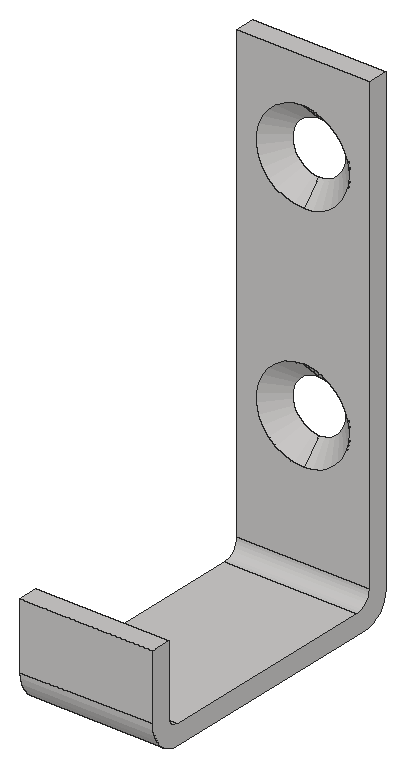
Revit family "Specialty Equipment_Coat Hook_Metlam_ML415831216eb1-110b-4046-add7-53dfd6caf8df", category Specialty Equipment, Revit 2014
Parameters (values of type "20w x 74h x 44d")
  Type Comments = "ML4158"
  URL = "www.metlam.com.au"
  ModifiedIssue_ANZRS = 20150127  # constant formula
  Model = "ML4158"
  Material = z_Metlam_Metal_Stainless Steel Satin
  Manufacturer_URL__Product Specific = "http://www.metlam.com.au/product/content/hooks/ML4158"
  Manufacturer_Spec Code = Model  # "ML4158"
  Manufacturer_Overall Width = 20 mm  # constant formula
  Manufacturer_Overall Height = 74 mm  # constant formula
  Manufacturer_Overall Depth = 44 mm  # constant formula
  Manufacturer_Height From FFL [instance] = 1400 mm
  Manufacturer = "Metlam"  # constant formula
  Keynote = ""
  Description = "Coat Hook"
  CreatedBy_ANZRS = "IGS - BIM SOLUTIONS"  # constant formula
  CreatedByURL_ANZRS = "http://www.igsgroup.com.au/"
  Assembly Code = "C1030200"
Reference planes
  plane 1 "Center (Front/Back)": y = 0
  plane 2: z = 0
  plane 3 "Center (Left/Right)": x = 0
  plane 4 "Coat Hook Left": x = -10
  plane 5 "Coat Hook Right": x = 10
  plane 6 "MountingHeight": z = 1400
  plane 7 "Coat Hook Top": z = 1437
  plane 8 "Coat Hook Bottom": z = 1363
  plane 9 "Coat Hook Front": y = -44
Forms (mm)
  Extrusion 1, solid, material "z_Metlam_Metal_Stainless Steel Satin"
    sketch origin (0, 0, 0) x (0, 1, 0) y (0, 0, 1)
      loop
        line (0, 1437) -> (-3, 1437) -> (-3, 1368.329)
        arc (-3, 1368.329) -> (-3.682, 1366.682) -> (-5.329, 1366) r 2.329
        line (-5.329, 1366) -> (-39.177, 1366)
        arc (-39.177, 1366) -> (-40.466, 1366.534) -> (-41, 1367.823) r 1.823
        line (-41, 1367.823) -> (-41, 1378) -> (-44, 1378) -> (-44, 1368)
        arc (-44, 1368) -> (-42.536, 1364.464) -> (-39, 1363) r 5
        line (-39, 1363) -> (-3.875, 1363)
        arc (-3.875, 1363) -> (-1.135, 1364.135) -> (0, 1366.875) r 3.875
        line (0, 1366.875) -> (0, 1437)
    from -10 to 10
  Revolve 2, void
    sketch origin (0, 0, 0) x (0, 1, 0) y (0, 0, 1)
      loop
        line (0, 1423.25) -> (0, 1427.25) -> (-3, 1430.25) -> (-3, 1423.25) -> (0, 1423.25)
      axis (0, 1423.25) -> (-3, 1423.25)
    angle from 0 to 360
  Revolve 3, void
    sketch origin (0, 0, -35) x (0, 1, 0) y (0, 0, 1)
      loop
        line (0, 1423.25) -> (0, 1427.25) -> (-3, 1430.25) -> (-3, 1423.25) -> (0, 1423.25)
      axis (0, 1423.25) -> (-3, 1423.25)
    angle from 0 to 360
Cuts and joins
  Revolve 2, Revolve 3 cuts Extrusion 1
Lines and regions (mm)
  Masking region 1
    outline origin (-737.698, -1524, 1437) x (-1, 0, 0) y (0, -1, 0)
      loop
        line (-727.698, -1524) -> (-727.698, -1480) -> (-747.698, -1480) -> (-747.698, -1524) -> (-727.698, -1524)
  Masking region 2
    outline origin (0, -3, 1437) x (0, 0, -1) y (1, 0, 0)
      loop
        line (0, -10) -> (74, -10) -> (74, 10) -> (0, 10) -> (0, -10)
  Masking region 3
    outline origin (-10, 0, 0) x (0, 1, 0) y (0, 0, 1)
      loop
        line (0, 1437) -> (-3, 1437) -> (-3, 1368.329)
        arc (-3, 1368.329) -> (-3.682, 1366.682) -> (-5.329, 1366) r 2.329
        line (-5.329, 1366) -> (-39.177, 1366)
        arc (-39.177, 1366) -> (-40.466, 1366.534) -> (-41, 1367.823) r 1.823
        line (-41, 1367.823) -> (-41, 1378) -> (-44, 1378) -> (-44, 1368)
        arc (-44, 1368) -> (-42.536, 1364.464) -> (-39, 1363) r 5
        line (-39, 1363) -> (-3.875, 1363)
        arc (-3.875, 1363) -> (-1.135, 1364.135) -> (0, 1366.875) r 3.875
        line (0, 1366.875) -> (0, 1437)
  symbolic lines, style "Bathroom Fixtures", detail levels medium+fine
    curve 1: line (-10, -41, 1437) -> (10, -41, 1437)
    curve 2: line (-10, -3, 1437) -> (10, -3, 1437)
    curve 3: circle (0, -3, 1423.25) r 4 normal (0, -1, 0)
    curve 4: circle (0, -3, 1388.25) r 4 normal (0, -1, 0)
    curve 7: line (10, -3, 1378) -> (-10, -3, 1378)
  symbolic lines, style "Bathroom Fixtures", detail levels fine
    curve 5: circle (0, -3, 1423.25) r 7 normal (0, 1, 0)
    curve 6: circle (0, -3, 1388.25) r 7 normal (0, 1, 0)
Text (mm)
  text "Disclaimer:\n\nDue to ongoing product development and manufacturing evolution, product details are subject to change without notice.\n\nPlease refer to product technical data sheets on www.metlam.com.au for the most current product information.\n\nPlease allow a +/- 5mm tolerance for dimensions and set-outs shown in product literature.\n\n© Metlam 2015" at (-579.143, 11.956, 0), in view "Ref. Level_Instruction"
Dimensions and locks
  "Manufacturer_Height From FFL": plane 6 "MountingHeight" to plane 2
  locked: cut or joined group of Extrusion 1, Revolve 2, Revolve 3 to plane 1 "Center (Front/Back)" at 3
  locked: plane 8 "Coat Hook Bottom" to Extrusion 1 sketch curve at 15
  locked: Extrusion 1 sketch curve to Extrusion 1 sketch curve at 3
  locked: Extrusion 1 sketch curve to plane 9 "Coat Hook Front" at 3
  "Manufacturer_Overall Height": plane 7 "Coat Hook Top" to plane 8 "Coat Hook Bottom"
  equal spacing: plane 7 "Coat Hook Top", plane 6 "MountingHeight", plane 8 "Coat Hook Bottom", locked at 37 each
  equal spacing: plane 5 "Coat Hook Right", plane 3 "Center (Left/Right)", plane 4 "Coat Hook Left", locked at 10 each
  "Manufacturer_Overall Width": plane 5 "Coat Hook Right" to plane 4 "Coat Hook Left"
  "Manufacturer_Overall Depth": plane 1 "Center (Front/Back)" to plane 9 "Coat Hook Front"
  plane 6 "MountingHeight" to level = 1400 mm
  aligned and locked: plane 1 "Center (Front/Back)" to Extrusion 1 sketch curve
  aligned and locked: Extrusion 1 sketch curve to plane 7 "Coat Hook Top"
  aligned and locked: Extrusion 1 sketch curve to plane 9 "Coat Hook Front"  (x2)
  aligned and locked: plane 8 "Coat Hook Bottom" to Extrusion 1 sketch curve  (x2)
  aligned and locked: Extrusion 1 to plane 4 "Coat Hook Left"
  aligned and locked: Extrusion 1 to plane 5 "Coat Hook Right"
  aligned and locked: Masking region 1 sketch curve to cut or joined group of Extrusion 1, Revolve 2, Revolve 3  (x4)
  aligned and locked: Masking region 2 sketch curve to cut or joined group of Extrusion 1, Revolve 2, Revolve 3  (x4)
  aligned and locked: curve 3 to cut or joined group of Extrusion 1, Revolve 2, Revolve 3
  aligned and locked: curve 4 to cut or joined group of Extrusion 1, Revolve 2, Revolve 3
  aligned and locked: Masking region 3 sketch curve to cut or joined group of Extrusion 1, Revolve 2, Revolve 3  (x8)
  aligned and locked: curve 5 to cut or joined group of Extrusion 1, Revolve 2, Revolve 3
  aligned and locked: curve 6 to cut or joined group of Extrusion 1, Revolve 2, Revolve 3
  aligned and locked: curve 7 to cut or joined group of Extrusion 1, Revolve 2, Revolve 3
Automatic sketch dimensions
  Revolve 2 sketch curve to plane 1 "Center (Front/Back)" = 0 mm  (x2)
  Revolve 2 sketch curve to Revolve 2 sketch curve = 3 mm
  Revolve 3 sketch curve to plane 1 "Center (Front/Back)" = 0 mm  (x2)
  Revolve 3 sketch curve to plane 6 "MountingHeight" = 4.75 mm
  Revolve 3 sketch curve to Revolve 3 sketch curve = 3 mm
  Revolve 3 sketch curve to Revolve 3 sketch curve = 4 mm
  Revolve 3 sketch curve to Revolve 3 sketch curve = 0 mm  (x2)
  Revolve 2 sketch curve to plane 7 "Coat Hook Top" = 13.75 mm
  Revolve 2 sketch curve to Revolve 2 sketch curve = 0 mm  (x2)
  Revolve 2 sketch curve to Revolve 2 sketch curve = 4 mm
  Extrusion 1 sketch curve to Extrusion 1 sketch curve = 1.823 mm
  Extrusion 1 sketch curve to Extrusion 1 sketch curve = 0.177 mm
  plane 1 "Center (Front/Back)" to Extrusion 1 sketch curve = 5.329 mm
  Extrusion 1 sketch curve to Extrusion 1 sketch curve = 0 mm
  Extrusion 1 sketch curve to Extrusion 1 sketch curve = 1.454 mm
  plane 1 "Center (Front/Back)" to Extrusion 1 sketch curve = 3 mm
  plane 1 "Center (Front/Back)" to Revolve 2 sketch curve = 3 mm
  plane 1 "Center (Front/Back)" to Revolve 3 sketch curve = 3 mm
  curve 1 to plane 5 "Coat Hook Right" = 0 mm
  curve 2 to plane 5 "Coat Hook Right" = 0 mm
  curve 2 to plane 4 "Coat Hook Left" = 0 mm
  curve 1 to plane 4 "Coat Hook Left" = 0 mm
  plane 1 "Center (Front/Back)" to curve 2 = 3 mm
  curve 1 to plane 9 "Coat Hook Front" = 3 mm
  curve 7 to Extrusion 1 = 0 mm
  Extrusion 1 to curve 7 = 0 mm
